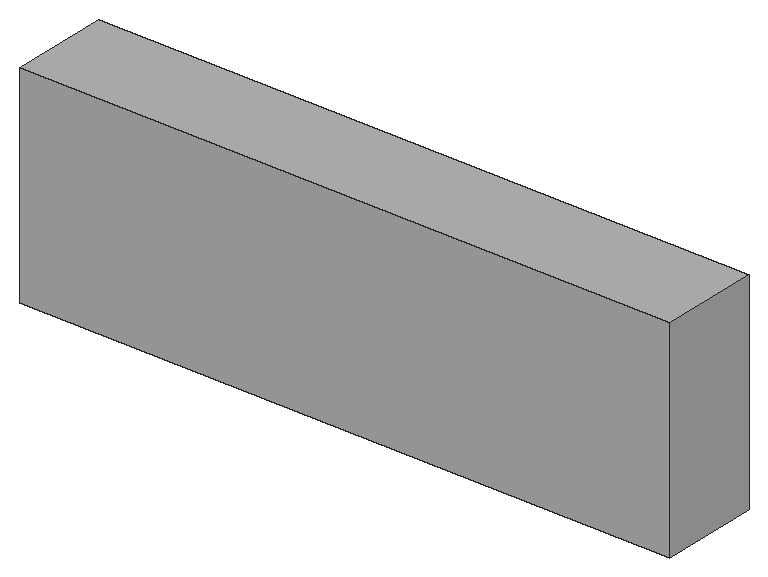
Revit family "100x215x665mm Padstone -PS116", category Generic Models, Revit 2020
Family settings
  Can host rebar = No
  Round Connector Dimension = Use Diameter
  Part Type = Normal
  Work Plane-Based = No
  Always vertical = Yes
  Cut with Voids When Loaded = No
  Shared = No
  Room Calculation Point = No
Parameters
  Weight = "35Kg"
  Warranty Guarantor Parts = "n/a"
  Warranty Guarantor Labour = "n/a"
  Warranty Duration Unit = "n/a"
  Warranty Duration Parts = "n/a"
  Warranty Duration Labour = "n/a"
  Warranty Description = "n/a"
  Unit Width [instance] = 100 mm
  Unit Length [instance] = 665 mm
  Unit Height [instance] = 215 mm
  URL = "www.killeshal.com"
  Types = "Single"
  Type Comments = "Visit our website for a full list of available products."
  Sustainability Performance = "n/a"
  Structural Class = "n/a"
  Span = "Length."
  Slope = "0.00°"
  Size = "100 Wide x 215 High x 665mm Long."
  Shape = "As per drawing"
  Service Life = "0.000000"
  Serial Number = "n/a"
  Resistance to Fire = "n/a"
  Replacement Cost = "n/a"
  Reference = "n/a"
  Notified Body = "n/a"
  Nominal Cover to Main Bar = "n/a"
  Model = "P/116 Padstone."
  Mechanical Resistance = "n/a"
  Manufacturer = "Killeshal Precast Concrete Ltd."
  Load Bearing = yes
  Life Cycle Environmental Load = "n/a"
  Length Options = "Stock sizes available. Custom sizes made to order."
  Keynote = "The information contained is the sole property of KPC Ltd., any reproduction in part or whole without permission of KPC Ltd. is prohibited."
  Environmental Product Declaration = "n/a"
  Environmental Class = "n/a"
  Durability against Corrosion = "n/a"
  Dimension Accuracy Class = "n/a"
  Detailing = "As per design specification and product drawings."
  Description = "Padstone 100 x 215 x 665mm."
  Default Elevation = 0 mm
  Dangerous Substances = "n/a"
  Contact Tel = "0035357 9353018"
  Contact Email = "sales@killeshal.com"
  Construction Type = "Precast"
  Construction Tolerance Class = "n/a"
  Compressive Strength of Concrete = "40N/mm²"
  Characteristics of Reinforcing Steel = "n/a"
  Characteristics Deflection Under Load = "n/a"
Reference planes
  plane 1 "Center (Front/Back)": y = 0
  plane 2: z = 0
  plane 3 "Center (Left/Right)": x = 0
  plane 4 "Rear": y = 50
  plane 5 "Front": y = -50
  plane 6 "Top": z = 215
Forms (mm)
  Extrusion 1, solid, material "Precast Concrete (KPC)"
    sketch origin (0, 0, 0) x (0, 1, 0) y (0, 0, 1)
      loop
        line (50, 0) -> (50, 215) -> (-50, 215) -> (-50, 0) -> (50, 0)
    from 0 to 665
Dimensions and locks
  "Unit Length": Extrusion 1 to Extrusion 1
  "Unit Width": Extrusion 1 to Extrusion 1
  "Unit Height": Extrusion 1 to Extrusion 1
  aligned and locked: level to plane 2
Automatic sketch dimensions
  Extrusion 1 sketch curve to level = 0 mm
  Extrusion 1 sketch curve to plane 5 "Front" = 0 mm
  Extrusion 1 sketch curve to plane 4 "Rear" = 0 mm
  Extrusion 1 sketch curve to plane 6 "Top" = 0 mm
